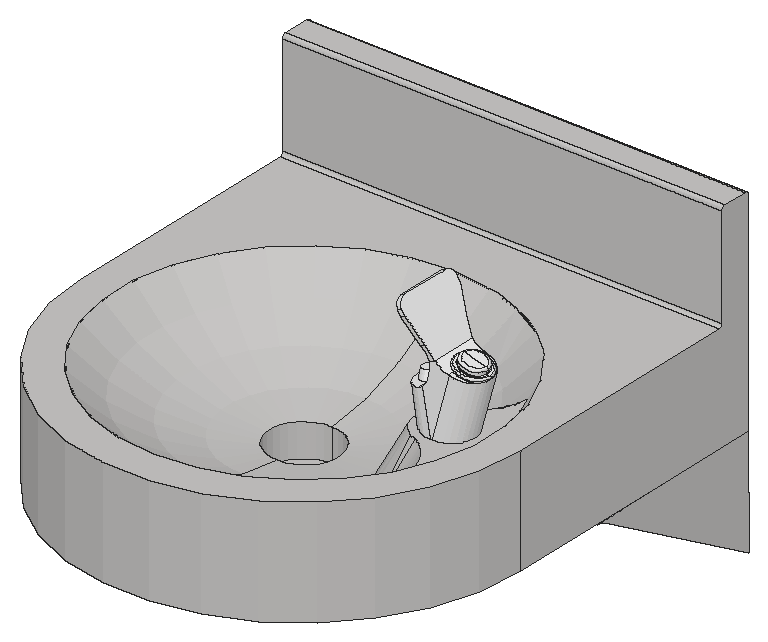
Revit family "rba-bim-rba8900-102", category Plumbing Fixtures, Revit 2018
Family settings
  Round Connector Dimension = Use Diameter
  Part Type = Normal
  Work Plane-Based = No
  Always vertical = Yes
  Cut with Voids When Loaded = No
  Shared = No
  Room Calculation Point = No
Parameters (values of type "RBA8900-102")
  URL = "www.rba.com.au"
  Modified Issue = "20210726.01"
  Height = 150.000 mm
  Model = "RBA8900-102"
  Manufacturer = "RBA Group"  # constant formula
  Description = "Watermarked Lead-Free Drinking Fountain"
  Copyright by = "RBA Group"  # constant formula
  Basin & Housing = Stainless Steel Satin Finish
Reference planes
  plane 1 "Center (Front/Back)": y = 0
  plane 2: z = 0
  plane 3 "Center (Left/Right)": x = 0
  plane 4: z = 75
  plane 5: z = -50
  plane 6: z = -75
  plane 7: x = 60.4
  plane 8: z = -150
  plane 9: z = -5.046
  plane 10: y = -350
Forms (mm)
  Revolve 1, void
    sketch origin (0, -223.224, -149.225) x (0, 1, 0) y (0, 0, 1)
      loop
        line (28.224, 76.225) -> (28.224, 149.225) -> (-101.776, 149.225)
        arc (-101.776, 149.225) -> (-53.732, 113.705) -> (4.224, 99.179) r 153.764
        line (4.224, 99.179) -> (4.224, 76.225) -> (28.224, 76.225)
      axis (28.224, 76.225) -> (28.224, 149.225)
    angle from 0 to 360
  Extrusion 2, solid, material "Stainless Steel Satin Finish" <- "Basin & Housing"
    sketch origin (0, -197.612, -149.225) x (0, 1, 0) y (-1, 0, 0)
      loop
        line (172.612, 152.6) -> (0.112, 152.6)
        arc (0.112, 152.6) -> (-152.388, 0.1) -> (0.112, -152.4) r 152.5
        line (0.112, -152.4) -> (172.612, -152.4) -> (172.612, 152.6)
    from 74.225 to 149.225
  Extrusion 3, solid, material "Stainless Steel Satin Finish" <- "Basin & Housing"
    sketch origin (0, -197.362, -149.225) x (0, -1, 0) y (0, 0, 1)
      loop
        line (-174.724, 151.587) -> (-174.724, 221.863)
        arc (-174.724, 221.863) -> (-175.416, 223.533) -> (-177.086, 224.225) r 2.362
        line (-177.086, 224.225) -> (-195, 224.225)
        arc (-195, 224.225) -> (-196.67, 223.533) -> (-197.362, 221.863) r 2.362
        line (-197.362, 221.863) -> (-197.362, 74.225) -> (-172.362, 74.225) -> (-172.362, 149.225)
        arc (-172.362, 149.225) -> (-174.032, 149.917) -> (-174.724, 151.587) r 2.362
    from -152.4 to 152.6
  SweptBlend 4, solid, material "Stainless Steel Satin Finish" <- "Basin & Housing"
    path origin (0, -195, -245) x (0, -1, 0) y (0, 0, 1)
      loop
        line (-0.112, 239.954) -> (-0.112, 194.954)
    profile origin (0, -194.888, -5.046) x (-1, 0, 0) y (0, -1, 0)
      loop
        arc (-93.474, -21.067) -> (-91.623, -20.386) -> (-89.839, -19.543) r 22.225
        arc (-89.839, -19.543) -> (-77.989, 0.112) -> (-89.839, 19.767) r 22.225
        arc (-89.839, 19.767) -> (-91.623, 20.61) -> (-93.474, 21.291) r 22.225
        arc (-93.474, 21.291) -> (-112.425, 43.353) -> (-108.227, 72.132) r 35.093
        arc (-108.227, 72.132) -> (-130, 0.112) -> (-108.227, -71.908) r 130
        arc (-108.227, -71.908) -> (-112.425, -43.129) -> (-93.474, -21.067) r 35.093
    end profile origin (0, -194.888, -50.046) x (-1, 0, 0) y (0, -1, 0)
      loop
        arc (-96.459, -87.041) -> (-93.907, -63.108) -> (-79.117, -44.119) r 43.89
        arc (-79.117, -44.119) -> (-54.404, 0.112) -> (-79.117, 44.343) r 51.939
        arc (-79.117, 44.343) -> (-93.907, 63.332) -> (-96.459, 87.265) r 43.89
        arc (-96.459, 87.265) -> (-130, 0.112) -> (-96.459, -87.041) r 130
  Sweep 5, solid, material "Stainless Steel Satin Finish" <- "Basin & Housing"
    path origin (0, 140, -75) x (0, 1, 0) y (-1, 0, 0)
      loop
        line (-140, -152.4) -> (-140, 152.6)
    profile origin (-0.1, 0, -75) x (0, -1, 0) y (0, 0, 1)
      loop
        line (0, 0) -> (0, -75) -> (124.845, -1.701)
        arc (124.845, -1.701) -> (127.818, -0.445) -> (131.014, 0) r 12.364
        line (131.014, 0) -> (0, 0)
Cuts and joins
  Revolve 1 cuts Extrusion 2
  joined: Extrusion 2, Extrusion 3, SweptBlend 4
Dimensions and locks
  "Height": plane 4 to plane 6
  cut or joined group of Revolve 1, Extrusion 2, Extrusion 3, SweptBlend 4 to cut or joined group of Revolve 1, Extrusion 2, Extrusion 3, SweptBlend 4 = 305.000 mm
  cut or joined group of Revolve 1, Extrusion 2, Extrusion 3, SweptBlend 4 to cut or joined group of Revolve 1, Extrusion 2, Extrusion 3, SweptBlend 4 = 260.000 mm
  cut or joined group of Revolve 1, Extrusion 2, Extrusion 3, SweptBlend 4 to plane 1 "Center (Front/Back)" = 350.000 mm
  nested 1 to plane 1 "Center (Front/Back)" = 195.000 mm
  plane 4 to level to plane 6 = 75.000 mm, 75.000 mm
  plane 4 to plane 6 = 150.000 mm
  locked: level to plane 9 at 5.046
  locked: plane 9 to SweptBlend 4 sketch curve at 45
  plane 4 to plane 8 = 225.000 mm
  aligned and locked: cut or joined group of Revolve 1, Extrusion 2, Extrusion 3, SweptBlend 4 to plane 6
  aligned and locked: Extrusion 3 to plane 6
  aligned and locked: Sweep 5 sketch curve to plane 1 "Center (Front/Back)"  (x2)
  aligned and locked: Sweep 5 sketch curve to cut or joined group of Revolve 1, Extrusion 2, Extrusion 3, SweptBlend 4  (x2)
  aligned and locked: cut or joined group of Revolve 1, Extrusion 2, Extrusion 3, SweptBlend 4 to Sweep 5 sketch curve
  aligned and locked: plane 9 to nested 1
  aligned and locked: nested 1 to plane 9
  aligned and locked: plane 9 to SweptBlend 4 sketch curve
Automatic sketch dimensions
  plane 1 "Center (Front/Back)" to Revolve 1 sketch curve = 195.000 mm  (x2)
  plane 1 "Center (Front/Back)" to Revolve 1 sketch curve = 211.308 mm
  plane 5 to Revolve 1 sketch curve = 0.046 mm
  plane 1 "Center (Front/Back)" to Revolve 1 sketch curve = 219.000 mm
  Revolve 1 sketch curve to plane 5 = 50.000 mm
  Revolve 1 sketch curve to Revolve 1 sketch curve = 106.000 mm
  Revolve 1 sketch curve to plane 5 = 6.171 mm
  Revolve 1 sketch curve to Revolve 1 sketch curve = 21.261 mm
  plane 1 "Center (Front/Back)" to Extrusion 2 sketch curve = 197.500 mm
  plane 1 "Center (Front/Back)" to Extrusion 2 sketch curve = 25.000 mm
  plane 3 "Center (Left/Right)" to Extrusion 2 sketch curve = 152.400 mm
  Extrusion 2 sketch curve to plane 3 "Center (Left/Right)" = 0.100 mm
  Extrusion 3 sketch curve to plane 6 = 0.000 mm
  Extrusion 3 sketch curve to plane 4 = 0.000 mm
  Extrusion 3 sketch curve to plane 4 = 2.362 mm  (x2)
  Extrusion 3 sketch curve to plane 1 "Center (Front/Back)" = 0.000 mm
  Extrusion 3 sketch curve to Extrusion 3 sketch curve = 17.914 mm
  Extrusion 3 sketch curve to Extrusion 3 sketch curve = 25.000 mm
  Extrusion 3 sketch curve to Extrusion 3 sketch curve = 72.638 mm
  plane 1 "Center (Front/Back)" to SweptBlend 4 sketch curve = 194.888 mm
  SweptBlend 4 sketch curve to SweptBlend 4 sketch curve = 0.000 mm  (x6)
  SweptBlend 4 sketch curve to profile plane = 0.000 mm  (x2)
  SweptBlend 4 sketch curve to profile plane = 78.722 mm  (x2)
  SweptBlend 4 sketch curve to SweptBlend 4 sketch curve = 11.117 mm  (x2)
  SweptBlend 4 sketch curve to profile plane = 19.767 mm
  SweptBlend 4 sketch curve to SweptBlend 4 sketch curve = 3.635 mm  (x2)
  SweptBlend 4 sketch curve to profile plane = 0.112 mm  (x4)
  SweptBlend 4 sketch curve to SweptBlend 4 sketch curve = 6.739 mm
  SweptBlend 4 sketch curve to SweptBlend 4 sketch curve = 29.505 mm  (x2)
  SweptBlend 4 sketch curve to SweptBlend 4 sketch curve = 31.842 mm
  SweptBlend 4 sketch curve to profile plane = 53.213 mm  (x2)
  SweptBlend 4 sketch curve to SweptBlend 4 sketch curve = 25.904 mm  (x2)
  SweptBlend 4 sketch curve to SweptBlend 4 sketch curve = 43.246 mm  (x2)
  SweptBlend 4 sketch curve to SweptBlend 4 sketch curve = 27.226 mm
  profile plane to SweptBlend 4 sketch curve = 44.119 mm
  SweptBlend 4 sketch curve to SweptBlend 4 sketch curve = 35.430 mm
  plane 6 to Revolve 1 sketch curve = 2.000 mm
  Sweep 5 sketch curve to plane 6 = 1.701 mm
  Sweep 5 sketch curve to profile plane = 124.845 mm
  Sweep 5 sketch curve to Sweep 5 sketch curve = 6.260 mm
  Sweep 5 sketch curve to Sweep 5 sketch curve = 6.170 mm
  Sweep 5 sketch curve to Sweep 5 sketch curve = 75.000 mm
Nested families
  nested 1: "RBA8900_Bubbler" at (100.84, -195, -5.046), type "Bubbler"
Connectors
  piping at (0, 0, -75), diameter 80
    settings: on Extrusion 3, index 1, connector inside diameter 80 mm, connector length 0.000 mm, flow factor 0, pipe flow 0.0 L/s, pressure drop 0.0 Pa, fitting loss kfactor 0, connector angle 0.00°, fixture units 0, engagement length 0.000 mm, angle of deflection 0.00°, flow configuration 0, flow direction 2, fitting loss method 0, system type 16, joint type 0, gender type 0, connector reference index -1, connector utility 0, adjustable connector no, is connector primary yes, connector description "40mm BSP"
Definition of nested family "RBA8900_Bubbler"
  Parameters
    URL = "www.rba.com.au"
    Tap Head Satin = no
    Tap Head Polished = yes
    Tap = none
    Model = "Bubbler"
    Manufacturer = "rba"
    Description = ""
    Default Elevation = 1219.200 mm
  Reference planes
    plane 1 "Center (Front/Back)": y = 0
    plane 2: z = 0
    plane 3 "Center (Left/Right)": x = 0
    plane 4: z = 0
  Forms (mm)
    Extrusion 1, void, not visible
      sketch origin (190.394, 16, 54.737) x (0.48481, 0, -0.87462) y (0, -1, 0)
        loop
          arc (-34.602, 33.521) -> (-32.666, 37.951) -> (-28.288, 40) r 6.851
          line (-28.288, 40) -> (-24.456, 40)
          arc (-24.456, 40) -> (-14.588, 37.396) -> (-4.839, 34.375) r 240.547
          arc (-4.839, 34.375) -> (0.295, 32.936) -> (5.544, 32) r 55.094
          line (5.544, 32) -> (5.544, 44.082) -> (-37.297, 44.082) -> (-37.297, -12.879) -> (5.544, -12.879) -> (5.544, 0)
          arc (5.544, 0) -> (0.295, -0.936) -> (-4.839, -2.375) r 55.094
          arc (-4.839, -2.375) -> (-14.588, -5.396) -> (-24.456, -8) r 240.547
          line (-24.456, -8) -> (-28.288, -8)
          arc (-28.288, -8) -> (-32.666, -5.951) -> (-34.602, -1.521) r 6.851
          line (-34.602, -1.521) -> (-34.602, 33.521)
      from 0 to 5.726
    Extrusion 2, void, not visible
      sketch origin (196.613, 16, 45.679) x (-0.965926, 0, 0.258819) y (0, 1, 0)
        loop
          line (15.527, -32) -> (-7.034, -32)
          arc (-7.034, -32) -> (-23.034, -16) -> (-7.034, 0) r 16
          line (-7.034, 0) -> (15.527, 0) -> (15.527, 14.45) -> (-28.034, 14.45) -> (-28.034, -45.534) -> (15.527, -45.534) -> (15.527, -32)
      from -6.887 to 62.035
    Extrusion 3, solid, material <- "Tap", not visible
      sketch origin (0, 24, 0) x (1, 0, 0) y (0, 0, 1)
        loop
          arc (201.92, 44.257) -> (197.068, 46.392) -> (193.082, 49.888) r 17.425
          line (193.082, 49.888) -> (189.386, 47.84)
          arc (189.386, 47.84) -> (189.518, 41.776) -> (188.076, 35.885) r 23.232
          arc (188.076, 35.885) -> (185.093, 31.314) -> (180.521, 28.331) r 13.267
          line (180.521, 28.331) -> (168.461, 26.204) -> (173.081, 0) -> (210.42, 0) -> (218.863, 39.717) -> (201.92, 44.257)
      from 0 to 48
    Extrusion 4, void, not visible
      sketch origin (168.461, 24, 26.204) x (-0.984808, 0, -0.173648) y (0, 1, 0)
        loop
          line (-18.589, 5.61) -> (-18.589, -8) -> (-16, -8)
          arc (-16, -8) -> (0, -24) -> (-16, -40) r 16
          line (-16, -40) -> (-18.589, -40) -> (-18.589, -50) -> (21, -50) -> (21, 5.61) -> (-18.589, 5.61)
      from -11.774 to 50.524
    Extrusion 5, solid, material <- "Tap", not visible
      sketch origin (0, 24, 0) x (1, 0, 0) y (0, 0, 1)
        loop
          line (193.082, 49.888) -> (173.619, 85) -> (170.995, 83.546) -> (188.076, 52.731)
          arc (188.076, 52.731) -> (188.865, 50.321) -> (189.386, 47.84) r 23.232
          line (189.386, 47.84) -> (193.082, 49.888)
      from 0 to 48
    Revolve 6, solid, material <- "Tap", not visible
      sketch origin (189.454, 0, -21.888) x (-0.965926, 0, 0.258819) y (0.258819, 0, 0.965926)
        loop
          line (-12.461, 67.118) -> (0, 67.118) -> (0, 73.342) -> (-7.686, 73.342)
          arc (-7.686, 73.342) -> (-8.765, 72.895) -> (-9.211, 71.817) r 1.525
          line (-9.211, 71.817) -> (-9.211, 69.618)
          arc (-9.211, 69.618) -> (-9.358, 69.265) -> (-9.711, 69.118) r 0.5
          line (-9.711, 69.118) -> (-11.461, 69.118)
          arc (-11.461, 69.118) -> (-12.168, 68.825) -> (-12.461, 68.118) r 1
          line (-12.461, 68.118) -> (-12.461, 67.118)
        axis (0, 67.118) -> (0, 73.342)
      angle from 0 to 360
    Blend 7, solid, material <- "Tap", not visible
      base sketch origin (168.461, 24, 26.204) x (0.984808, 0, 0.173648) y (0, 1, 0)
        loop
          circle (9.56, -24) r 7
      top sketch origin (168.461, 24, 26.204) x (0.984808, 0, 0.173648) y (0, 1, 0)
        loop
          circle (9.56, -24) r 5
      from 0 to 6
    Extrusion 8, void
      sketch origin (-0.098, 16, 54.737) x (0.48481, 0, -0.87462) y (0, -1, 0)
        loop
          arc (-34.602, 33.521) -> (-32.666, 37.951) -> (-28.288, 40) r 6.851
          line (-28.288, 40) -> (-24.456, 40)
          arc (-24.456, 40) -> (-14.588, 37.396) -> (-4.839, 34.375) r 240.547
          arc (-4.839, 34.375) -> (0.295, 32.936) -> (5.544, 32) r 55.094
          line (5.544, 32) -> (5.544, 44.082) -> (-37.297, 44.082) -> (-37.297, -12.879) -> (5.544, -12.879) -> (5.544, 0)
          arc (5.544, 0) -> (0.295, -0.936) -> (-4.839, -2.375) r 55.094
          arc (-4.839, -2.375) -> (-14.588, -5.396) -> (-24.456, -8) r 240.547
          line (-24.456, -8) -> (-28.288, -8)
          arc (-28.288, -8) -> (-32.666, -5.951) -> (-34.602, -1.521) r 6.851
          line (-34.602, -1.521) -> (-34.602, 33.521)
      from 0 to 5.726
    Extrusion 9, void
      sketch origin (6.121, 16, 45.679) x (-0.965926, 0, 0.258819) y (0, 1, 0)
        loop
          line (15.527, -32) -> (-7.034, -32)
          arc (-7.034, -32) -> (-23.034, -16) -> (-7.034, 0) r 16
          line (-7.034, 0) -> (15.527, 0) -> (15.527, 14.45) -> (-28.034, 14.45) -> (-28.034, -45.534) -> (15.527, -45.534) -> (15.527, -32)
      from -6.887 to 62.035
    Extrusion 10, solid, material <- "Tap"
      sketch origin (-190.492, 24, 0) x (1, 0, 0) y (0, 0, 1)
        loop
          arc (201.92, 44.257) -> (197.068, 46.392) -> (193.082, 49.888) r 17.425
          line (193.082, 49.888) -> (189.386, 47.84)
          arc (189.386, 47.84) -> (189.518, 41.776) -> (188.076, 35.885) r 23.232
          arc (188.076, 35.885) -> (185.093, 31.314) -> (180.521, 28.331) r 13.267
          line (180.521, 28.331) -> (168.461, 26.204) -> (173.081, 0) -> (210.42, 0) -> (218.863, 39.717) -> (201.92, 44.257)
      from 0 to 48
    Extrusion 11, void
      sketch origin (-22.031, 24, 26.204) x (-0.984808, 0, -0.173648) y (0, 1, 0)
        loop
          line (-18.589, 5.61) -> (-18.589, -8) -> (-16, -8)
          arc (-16, -8) -> (0, -24) -> (-16, -40) r 16
          line (-16, -40) -> (-18.589, -40) -> (-18.589, -50) -> (21, -50) -> (21, 5.61) -> (-18.589, 5.61)
      from -11.774 to 50.524
    Extrusion 12, solid, material <- "Tap"
      sketch origin (-190.492, 24, 0) x (1, 0, 0) y (0, 0, 1)
        loop
          line (193.082, 49.888) -> (173.619, 85) -> (170.995, 83.546) -> (188.076, 52.731)
          arc (188.076, 52.731) -> (188.865, 50.321) -> (189.386, 47.84) r 23.232
          line (189.386, 47.84) -> (193.082, 49.888)
      from 0 to 48
    Revolve 13, solid, material <- "Tap"
      sketch origin (-1.038, 0, -21.888) x (-0.965926, 0, 0.258819) y (0.258819, 0, 0.965926)
        loop
          line (-12.461, 67.118) -> (0, 67.118) -> (0, 73.342) -> (-7.686, 73.342)
          arc (-7.686, 73.342) -> (-8.765, 72.895) -> (-9.211, 71.817) r 1.525
          line (-9.211, 71.817) -> (-9.211, 69.618)
          arc (-9.211, 69.618) -> (-9.358, 69.265) -> (-9.711, 69.118) r 0.5
          line (-9.711, 69.118) -> (-11.461, 69.118)
          arc (-11.461, 69.118) -> (-12.168, 68.825) -> (-12.461, 68.118) r 1
          line (-12.461, 68.118) -> (-12.461, 67.118)
        axis (0, 67.118) -> (0, 73.342)
      angle from 0 to 360
    Blend 14, solid, material <- "Tap"
      base sketch origin (-22.031, 24, 26.204) x (0.984808, 0, 0.173648) y (0, 1, 0)
        loop
          circle (9.56, -24) r 7
      top sketch origin (-22.031, 24, 26.204) x (0.984808, 0, 0.173648) y (0, 1, 0)
        loop
          circle (9.56, -24) r 5
      from 0 to 6
  Cuts and joins
    Extrusion 8, Extrusion 9, Extrusion 11 cuts Extrusion 10
    Extrusion 8 cuts Extrusion 12
  Lines and regions (mm)
    symbolic lines
      curve 1: line (0, 0, 2.805) -> (0, 0, -47.195)
